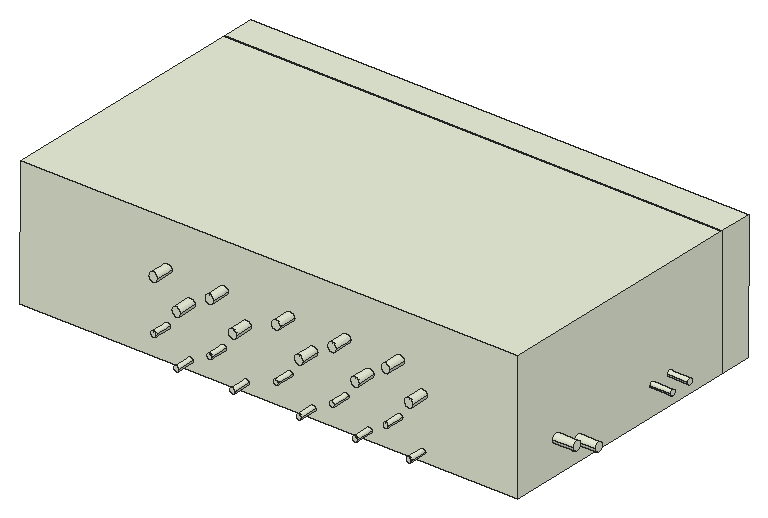
Revit family "Midea_VRF_MS10_E", category Mechanical Equipment, Revit 2013
Parameters (values of type "MS10/N1-D")
  clearance [instance] = no
  Width = 660.000 mm
  URL = ""
  Series = "MS box"
  Power supply = "220-240V 1N~50Hz/60Hz"
  Number of branches = 10
  Net Weight = 51.00 kg
  Model = "MS10/N1-D"
  Minimum Circuit Amps = 0.9 A
  Maximum Fuse Amps = 15 A
  Max. capacity index of connectable indoor units per branch = 16.000 kW
  Max. capacity index of connectable indoor units = 85.000 kW
  Max. No. of connectable indoor units per branch = 5
  Max. No. of connectable indoor units = 47
  Manufacturer = "Midea"
  Machine material = Galvanized Steel
  Low pressure gas pipe to ODU = "∅22.2/∅28.6/∅34.9"
  Liquid pipes to IDU = "∅6.35/∅9.52"
  Liquid pipe  to ODU = "∅12.7/∅15.9/∅19.05/∅22.2"
  Installation = "Indoor installation"
  High pressure gas pipe to ODU = "∅19.05/∅22.2/∅28.6"
  Height = 250.000 mm
  Heating Power Input = 173 W
  Gas pipes to IDU = "∅12.7/∅15.9"
  Gas = "R410A"
  Description = ""
  Depth = 574.000 mm
  Cooling Power Input = 173 W
  Condensation = ""
  Casing color = SB2014
Reference planes
  plane 1: z = 0
  plane 2 "中心(左/右)": x = 0
  plane 3: y = -374.3
  plane 4: x = -487
  plane 5: x = 487
  plane 6: y = -59.3
  plane 7: y = -624.3
  plane 8: z = 250
Forms (mm)
  Extrusion 1, solid, material "Galvanized Steel", detail levels medium+fine
    sketch origin (120, -1462, 378.197) x (0, -1, 0) y (1, 0, 0)
      loop
        line (-837.7, -607) -> (-837.7, 367) -> (-1337.7, 367) -> (-1337.7, -607) -> (-837.7, -607)
    from -378.197 to -128.197
  Extrusion 2, solid, material "Galvanized Steel", detail levels medium+fine
    sketch origin (120, -1109.5, 378.197) x (0, -1, 0) y (1, 0, 0)
      loop
        line (-985.2, -607) -> (-985.2, 367) -> (-1050.2, 367) -> (-1050.2, -607) -> (-985.2, -607)
    from -378.197 to -128.197
  Extrusion 3, solid, material "Galvanized Steel"
    sketch origin (1148, -1524, 0) x (0, 0, 1) y (0, -1, 0)
      loop
        circle (41.271, -1046.168) r 8.5
    from -661 to -619
  Extrusion 4, solid, material "Galvanized Steel"
    sketch origin (1148, -1300.408, 17.041) x (0, 0, 1) y (0, -1, 0)
      loop
        circle (41.271, -1046.168) r 5
    from -661 to -619
  Extrusion 5, solid, material "Galvanized Steel"
    sketch origin (-1148, -1524, 0) x (0, 0, 1) y (0, 1, 0)
      loop
        circle (41.271, 1046.168) r 7
    from -661 to -621
  Extrusion 6, solid, material "Galvanized Steel"
    sketch origin (-1148, -1404, 20) x (0, 0, 1) y (0, 1, 0)
      loop
        circle (41.271, 1046.168) r 5
    from -661 to -619
  Extrusion 7, solid, material "Galvanized Steel"
    sketch origin (-1148, -1469, 0) x (0, 0, 1) y (0, 1, 0)
      loop
        circle (41.271, 1046.168) r 8.5
    from -661 to -619
  Extrusion 8, solid, material "Galvanized Steel"
    sketch origin (70, -624.3, 378.197) x (1, 0, 0) y (0, 0, 1)
      loop
        circle (-268.631, -215.284) r 8.5
    from 0 to 34
  Extrusion 9, solid, material "Galvanized Steel"
    sketch origin (180, -624.3, 378.197) x (1, 0, 0) y (0, 0, 1)
      loop
        circle (-268.631, -215.284) r 8.5
    from 0 to 34
  Extrusion 10, solid, material "Galvanized Steel"
    sketch origin (70, -624.3, 278.197) x (1, 0, 0) y (0, 0, 1)
      loop
        circle (-268.631, -215.284) r 5
    from 0 to 34
  Extrusion 11, solid, material "Galvanized Steel"
    sketch origin (180, -624.3, 278.197) x (1, 0, 0) y (0, 0, 1)
      loop
        circle (-268.631, -215.284) r 5
    from 0 to 34
  Extrusion 12, solid, material "Galvanized Steel"
    sketch origin (115, -624.3, 333.197) x (1, 0, 0) y (0, 0, 1)
      loop
        circle (-268.631, -215.284) r 8.5
    from 0 to 34
  Extrusion 13, solid, material "Galvanized Steel"
    sketch origin (225, -624.3, 333.197) x (1, 0, 0) y (0, 0, 1)
      loop
        circle (-268.631, -215.284) r 8.5
    from 0 to 34
  Extrusion 14, solid, material "Galvanized Steel"
    sketch origin (115, -624.3, 233.197) x (1, 0, 0) y (0, 0, 1)
      loop
        circle (-268.631, -215.284) r 5
    from 0 to 34
  Extrusion 15, solid, material "Galvanized Steel"
    sketch origin (225, -624.3, 233.197) x (1, 0, 0) y (0, 0, 1)
      loop
        circle (-268.631, -215.284) r 5
    from 0 to 34
  Extrusion 16, solid, material "Galvanized Steel"
    sketch origin (1148, -1342.925, 15.845) x (0, 0, 1) y (0, -1, 0)
      loop
        circle (41.271, -1046.168) r 5
    from -661 to -619
  Extrusion 17, solid, material "Galvanized Steel"
    sketch origin (1148, -1577.669, 25.588) x (0, 0, 1) y (0, -1, 0)
      loop
        circle (41.271, -1046.168) r 8.5
    from -661 to -619
  Extrusion 18, solid, material "Galvanized Steel"
    sketch origin (310, -624.3, 378.197) x (1, 0, 0) y (0, 0, 1)
      loop
        circle (-268.631, -215.284) r 8.5
    from 0 to 34
  Extrusion 19, solid, material "Galvanized Steel"
    sketch origin (420, -624.3, 378.197) x (1, 0, 0) y (0, 0, 1)
      loop
        circle (-268.631, -215.284) r 8.5
    from 0 to 34
  Extrusion 20, solid, material "Galvanized Steel"
    sketch origin (310, -624.3, 278.197) x (1, 0, 0) y (0, 0, 1)
      loop
        circle (-268.631, -215.284) r 5
    from 0 to 34
  Extrusion 21, solid, material "Galvanized Steel"
    sketch origin (420, -624.3, 278.197) x (1, 0, 0) y (0, 0, 1)
      loop
        circle (-268.631, -215.284) r 5
    from 0 to 34
  Extrusion 22, solid, material "Galvanized Steel"
    sketch origin (355, -624.3, 333.197) x (1, 0, 0) y (0, 0, 1)
      loop
        circle (-268.631, -215.284) r 8.5
    from 0 to 34
  Extrusion 23, solid, material "Galvanized Steel"
    sketch origin (465, -624.3, 333.197) x (1, 0, 0) y (0, 0, 1)
      loop
        circle (-268.631, -215.284) r 8.5
    from 0 to 34
  Extrusion 24, solid, material "Galvanized Steel"
    sketch origin (355, -624.3, 233.197) x (1, 0, 0) y (0, 0, 1)
      loop
        circle (-268.631, -215.284) r 5
    from 0 to 34
  Extrusion 25, solid, material "Galvanized Steel"
    sketch origin (465, -624.3, 233.197) x (1, 0, 0) y (0, 0, 1)
      loop
        circle (-268.631, -215.284) r 5
    from 0 to 34
  Extrusion 26, solid, material "Galvanized Steel"
    sketch origin (525, -624.3, 378.197) x (1, 0, 0) y (0, 0, 1)
      loop
        circle (-268.631, -215.284) r 8.5
    from 0 to 34
  Extrusion 27, solid, material "Galvanized Steel"
    sketch origin (525, -624.3, 278.197) x (1, 0, 0) y (0, 0, 1)
      loop
        circle (-268.631, -215.284) r 5
    from 0 to 34
  Extrusion 28, solid, material "Galvanized Steel"
    sketch origin (570, -624.3, 333.197) x (1, 0, 0) y (0, 0, 1)
      loop
        circle (-268.631, -215.284) r 8.5
    from 0 to 34
  Extrusion 29, solid, material "Galvanized Steel"
    sketch origin (570, -624.3, 233.197) x (1, 0, 0) y (0, 0, 1)
      loop
        circle (-268.631, -215.284) r 5
    from 0 to 34
Lines and regions (mm)
  model lines, not visible
    curve 1: circle (177.54, 182, 460) r 280 normal (0, 1, 0)
    curve 2: circle (177.54, 182, 460) r 240 normal (0, 1, 0)
    curve 3: circle (177.54, 182, 460) r 200 normal (0, 1, 0)
    curve 4: circle (177.54, 182, 460) r 160 normal (0, 1, 0)
    curve 5: circle (177.54, 182, 460) r 120 normal (0, 1, 0)
    curve 6: circle (177.54, 182, 460) r 80 normal (0, 1, 0)
    curve 7: circle (177.54, 182, 460) r 40 normal (0, 1, 0)
    curve 8: arc (177.54, 182, 740) -> (273.688, 182, 600) -> (177.54, 182, 460) r 150
    curve 9: arc (177.54, 182, 460) -> (37.54, 182, 556.148) -> (-102.46, 182, 460) r 150
    curve 10: arc (177.54, 182, 460) -> (81.391, 182, 320) -> (177.54, 182, 180) r 150
    curve 11: arc (177.54, 182, 460) -> (317.54, 182, 363.852) -> (457.54, 182, 460) r 150
    curve 12: line (-151.4, 182, 818) -> (-151.4, 182, 178)
    curve 13: line (448.6, 182, 818) -> (448.6, 182, 178)
    curve 14: line (448.6, 182, 818) -> (-151.4, 182, 818)
    curve 15: line (448.6, 182, 178) -> (-151.4, 182, 178)
    curve 16: circle (148.6, 182, 498) r 280 normal (0, 1, 0)
    curve 17: circle (148.6, 182, 498) r 240 normal (0, 1, 0)
    curve 18: circle (148.6, 182, 498) r 200 normal (0, 1, 0)
    curve 19: circle (148.6, 182, 498) r 160 normal (0, 1, 0)
    curve 20: circle (148.6, 182, 498) r 120 normal (0, 1, 0)
    curve 21: circle (148.6, 182, 498) r 80 normal (0, 1, 0)
    curve 22: circle (148.6, 182, 498) r 40 normal (0, 1, 0)
    curve 23: arc (148.6, 182, 778) -> (244.748, 182, 638) -> (148.6, 182, 498) r 150
    curve 24: arc (148.6, 182, 498) -> (8.6, 182, 594.148) -> (-131.4, 182, 498) r 150
    curve 25: arc (148.6, 182, 498) -> (52.452, 182, 358) -> (148.6, 182, 218) r 150
    curve 26: arc (148.6, 182, 498) -> (288.6, 182, 401.852) -> (428.6, 182, 498) r 150
    curve 27: line (-327.463, 0, 542.426) -> (-398.173, 0, 613.137)
    curve 28: line (-341.605, 0, 528.284) -> (-412.315, 0, 598.995)
    curve 29: arc (-327.463, 0, 542.426) -> (-327.463, 0, 528.284) -> (-341.605, 0, 528.284) r 10
    curve 30: line (-327.463, 0, 602.426) -> (-398.173, 0, 673.137)
    curve 31: line (-341.605, 0, 588.284) -> (-412.315, 0, 658.995)
    curve 32: arc (-327.463, 0, 602.426) -> (-327.463, 0, 588.284) -> (-341.605, 0, 588.284) r 10
    curve 33: line (-327.463, 0, 662.426) -> (-398.173, 0, 733.137)
    curve 34: line (-341.605, 0, 648.284) -> (-412.315, 0, 718.995)
    curve 35: arc (-327.463, 0, 662.426) -> (-327.463, 0, 648.284) -> (-341.605, 0, 648.284) r 10
    curve 36: line (-412.315, 0, 733.137) -> (-468.884, 0, 789.706)
    curve 37: line (-468.884, 0, 789.706) -> (-468.884, 0, 964.3)
    curve 38: line (-327.463, 0, 528.284) -> (-302.714, 0, 503.536)
    curve 39: line (-302.714, 0, 503.536) -> (-302.714, 0, 31.9)
    curve 40: line (-327.463, 0, 542.426) -> (-398.173, 0, 613.137)
    curve 41: line (-341.605, 0, 528.284) -> (-412.315, 0, 598.995)
    curve 42: arc (-398.173, 0, 613.137) -> (-412.315, 0, 613.137) -> (-412.315, 0, 598.995) r 10
    curve 43: arc (-327.463, 0, 542.426) -> (-327.463, 0, 528.284) -> (-341.605, 0, 528.284) r 10
    curve 44: line (-327.463, 0, 602.426) -> (-398.173, 0, 673.137)
    curve 45: line (-341.605, 0, 588.284) -> (-412.315, 0, 658.995)
    curve 46: arc (-398.173, 0, 673.137) -> (-412.315, 0, 673.137) -> (-412.315, 0, 658.995) r 10
    curve 47: arc (-327.463, 0, 602.426) -> (-327.463, 0, 588.284) -> (-341.605, 0, 588.284) r 10
    curve 48: line (-327.463, 0, 662.426) -> (-398.173, 0, 733.137)
    curve 49: line (-341.605, 0, 648.284) -> (-412.315, 0, 718.995)
    curve 50: arc (-398.173, 0, 733.137) -> (-412.315, 0, 733.137) -> (-412.315, 0, 718.995) r 10
    curve 51: arc (-327.463, 0, 662.426) -> (-327.463, 0, 648.284) -> (-341.605, 0, 648.284) r 10
    curve 52: line (-412.315, 0, 733.137) -> (-468.884, 0, 789.706)
    curve 53: line (-468.884, 0, 789.706) -> (-468.884, 0, 964.3)
    curve 54: line (-327.463, 0, 528.284) -> (-302.714, 0, 503.536)
    curve 55: line (-302.714, 0, 503.536) -> (-302.714, 0, 31.9)
  model lines
    curve 56: line (-487, -124.3, 250) -> (487, -124.3, 250)
    curve 57: line (487, -624.3, 250) -> (487, -124.3, 250)
    curve 58: line (-487, -624.3, 250) -> (487, -624.3, 250)
    curve 59: line (-487, -124.3, 250) -> (-487, -624.3, 250)
    curve 60: line (-487, -624.3, 0) -> (487, -624.3, 0)
    curve 61: line (487, -624.3, 0) -> (487, -124.3, 0)
    curve 62: line (-487, -124.3, 0) -> (487, -124.3, 0)
    curve 63: line (-487, -124.3, 0) -> (-487, -624.3, 0)
Dimensions and locks
  aligned and locked: level to plane 1
Nested families
  nested 1: "Beautiful-Dao-Lagou-White" at (487, -239.129, 192) x (0, 1, 0) z (0, 0, 1), type "Dao-Lagou", not visible, detail levels fine
  nested 2: "Beautiful-Dao-Lagou-White" at (487, -557.107, 192) x (0, 1, 0) z (0, 0, 1), type "Dao-Lagou", not visible, detail levels fine
  nested 3: "Beautiful-Dao-Lagou-White" at (-487, -557.107, 192) x (0, 1, 0) z (0, 0, 1), type "Dao-Lagou", not visible, detail levels fine
  nested 4: "Beautiful-Dao-Lagou-White" at (-487, -239.129, 192) x (0, 1, 0) z (0, 0, 1), type "Dao-Lagou", not visible, detail levels fine
  nested 5: "Midea service space" at (-487, -59.3, 0), visible <- "clearance", Height <- "Height", type "Midea Service  Space"
    with Width 974.000 mm, Height 250.000 mm, Depth 400.000 mm
  nested 6: "Midea service space" at (-487, -1324.3, 0), visible <- "clearance", Height <- "Height", type "Midea Service  Space"
    with Width 974.000 mm, Height 250.000 mm, Depth 700.000 mm
  nested 7: "Midea service space" at (487, -624.3, 0), visible <- "clearance", Height <- "Height", type "Midea Service  Space"
    with Width 400.000 mm, Height 250.000 mm, Depth 565.000 mm
  nested 8: "Midea service space" at (-987, -624.3, 0), visible <- "clearance", Height <- "Height", type "Midea Service  Space"
    with Width 500.000 mm, Height 250.000 mm, Depth 565.000 mm
Connectors
  electrical at (487, -91.8, 125)
    settings: on Extrusion 2, index 1, voltage 220 V, apparent load 0 VA, apparent load phase1 0 VA, apparent load phase2 0 VA, apparent load phase3 0 VA, power factor 1, load classification "Other", number of poles 1, system type 30, power factor state 1, is connector primary yes, connector utility no, sub classification motor no, connector description ""
  piping at (529, -254.239, 58.313)
    settings: on Extrusion 4, index 2, connector radius 3.175 mm, flow factor 0, pipe flow 0.0 L/s, pressure drop 0.0 Pa, fitting loss kfactor 0, connector angle 0.00°, fixture units 0, engagement length 0.000 mm, flow configuration 0, flow direction 0, fitting loss method 0, system type 19, joint type 0, gender type 0, connector reference index -1, connector utility 0, adjustable connector no, is connector primary yes, fitting loss table "", connector description "Liquid pipes to IDU"
  piping at (529, -477.832, 41.271)
    settings: on Extrusion 3, index 3, connector radius 6.35 mm, flow factor 0, pipe flow 0.0 L/s, pressure drop 0.0 Pa, fitting loss kfactor 0, connector angle 0.00°, fixture units 0, engagement length 0.000 mm, flow configuration 0, flow direction 0, fitting loss method 0, system type 19, joint type 0, gender type 0, connector reference index -1, connector utility 0, adjustable connector no, is connector primary no, fitting loss table "", connector description "Gas pipes to IDU"
  piping at (-529, -357.832, 61.271)
    settings: on Extrusion 6, index 4, connector radius 4.76 mm, flow factor 0, pipe flow 0.0 L/s, pressure drop 0.0 Pa, fitting loss kfactor 0, connector angle 0.00°, fixture units 0, engagement length 0.000 mm, flow configuration 0, flow direction 0, fitting loss method 0, system type 19, joint type 0, gender type 0, connector reference index -1, connector utility 0, adjustable connector no, is connector primary no, fitting loss table "", connector description "Liquid pipe  to ODU"
  piping at (-529, -422.832, 41.271)
    settings: on Extrusion 7, index 5, connector radius 11.1 mm, flow factor 0, pipe flow 0.0 L/s, pressure drop 0.0 Pa, fitting loss kfactor 0, connector angle 0.00°, fixture units 0, engagement length 0.000 mm, flow configuration 0, flow direction 0, fitting loss method 0, system type 19, joint type 0, gender type 0, connector reference index -1, connector utility 0, adjustable connector no, is connector primary no, fitting loss table "", connector description "Low pressure gas pipe to ODU"
  piping at (-527, -477.832, 41.271)
    settings: on Extrusion 5, index 6, connector radius 9.525 mm, flow factor 0, pipe flow 0.0 L/s, pressure drop 0.0 Pa, fitting loss kfactor 0, connector angle 0.00°, fixture units 0, engagement length 0.000 mm, flow configuration 0, flow direction 0, fitting loss method 0, system type 19, joint type 0, gender type 0, connector reference index -1, connector utility 0, adjustable connector no, is connector primary no, fitting loss table "", connector description "High pressure gas pipe to ODU"
Definition of nested family "Beautiful-Dao-Lagou-White"
  Parameters (values of type "Dao-Lagou")
    Machine material = Midea White
  Reference planes
    plane 1 "Center (Front/Back)": y = 0
    plane 2: z = 0
    plane 3 "Center (Left/Right)": x = 0
  Forms (mm)
    Extrusion 1, solid, material "Midea White" <- "Machine material"
      sketch origin (0, 0, 18) x (0, 1, 0) y (0, 0, 1)
        loop
          line (0, -18) -> (0, 40) -> (-42, 40) -> (-42, 35) -> (-40, 35) -> (-40, 38) -> (-2, 38) -> (-2, -18) -> (0, -18)
      from 0 to 40
    Extrusion 2, void
      sketch origin (0, 0, 0) x (1, 0, 0) y (0, 1, 0)
        loop
          line (14, -30) -> (14, -42) -> (26, -42) -> (26, -30) -> (26, -12)
          arc (26, -12) -> (20, -6) -> (14, -12) r 6
          line (14, -12) -> (14, -30)
      from 53 to 58
  Cuts and joins
    Extrusion 2 cuts Extrusion 1
  Dimensions and locks
    aligned and locked: level to plane 2
Definition of nested family "Midea service space"
  Parameters (values of type "Midea Service  Space")
    Width [instance] = 500.000 mm
    Height [instance] = 500.000 mm
    Depth [instance] = 500.000 mm
  Reference planes
    plane 1 "Center (Front/Back)": y = 0
    plane 2: z = 0
    plane 3 "Center (Left/Right)": x = 0
    plane 4: z = 500
    plane 5: y = 500
    plane 6: x = 500
  Forms (mm)
    Extrusion 1, solid, material "Midea Service Space-HDY"
      sketch origin (0, 0, 0) x (1, 0, 0) y (0, 1, 0)
        loop
          line (0, 500) -> (0, 0) -> (500, 0) -> (500, 500) -> (0, 500)
      from 0 to 500
  Dimensions and locks
    "Width": plane 3 "Center (Left/Right)" to plane 6
    "Depth": plane 5 to plane 1 "Center (Front/Back)"
    "Height": level to plane 4
    aligned and locked: level to plane 2
    aligned and locked: plane 5 to Extrusion 1
    aligned and locked: Extrusion 1 to plane 6
    aligned and locked: Extrusion 1 to plane 3 "Center (Left/Right)"
    aligned and locked: plane 1 "Center (Front/Back)" to Extrusion 1
    aligned and locked: Extrusion 1 to plane 4
  Automatic sketch dimensions
    Extrusion 1 sketch curve to plane 3 "Center (Left/Right)" = 0.000 mm
    plane 1 "Center (Front/Back)" to Extrusion 1 sketch curve = 0.000 mm
    Extrusion 1 sketch curve to plane 6 = 0.000 mm
    Extrusion 1 sketch curve to plane 5 = 0.000 mm
